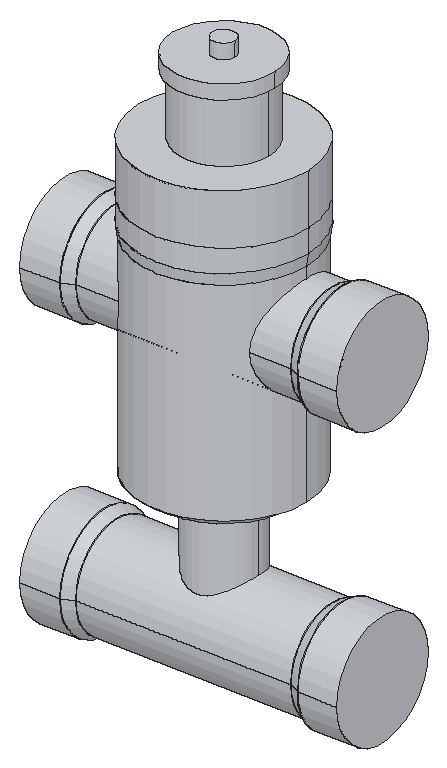
Revit family "VTX24P_DN20_PN16_RFA_2018", category Pipe Accessories, Revit 2018
Family settings
  Round Connector Dimension = Use Diameter
  Part Type = Valve - Breaks Into
  Work Plane-Based = No
  Always vertical = Yes
  Cut with Voids When Loaded = No
  Shared = No
Parameters (values of type "VTX24P G3/4  PN16 kvs4,0")
  magiProductId = ""
  magiProductFamilyId = ""
  magiPartTypeId = 306
  isMeasuringValve [instance] = no
  ang2D [instance] = 0.00°
  Z8 = 4 mm
  Z7__ve = -Z7  # -2.5 mm
  Z7 = 2.5 mm
  Z5 = 9.1 mm
  Z3 = 2 mm
  Z2 = 17.5 mm
  X4__ve = -X4  # -7 mm
  X4 = 7 mm
  X3 = 38 mm
  W2D = 15 mm
  VersionID = ""
  Use Minimum Symbol Size [instance] = yes
  URL = "www.hydronix.cz"
  Type Comments = "Závitový, vnější závit, ploché těsnění; LIN charakteristika; PN16; +5~+95°C; max.rychlost proudění 3,0 m/s"
  R9 = 9 mm
  R8 = 2 mm
  R7 = 15 mm
  R6 = 11.76 mm
  R5 = 7.409 mm
  R4 = 6.174 mm
  R2 = 14.7 mm
  R10 = 8 mm
  R1 = 9 mm
  QmdConnectorList = "301;D;302;D"
  Productdata [instance] = ""
  Manufacturer = "Hydronix"
  MC2 = yes
  MC Product Code = "VTX24P (G3/4\"; dpmax A-AB=100kPa;  dpmax B-AB=40kPa;  kvs 4,0)"
  MC = no
  LT2 = 21 mm
  L2D_Min = 3048 mm
  L2D = 38 mm
  H1 = 37.4 mm
  H = 26 mm
  E = 16 mm
  Description = "3 cestný regulační ventil malých spotřebičů s obtokem, DN20; zdvih 2,5mm; max dp A-AB 100kPa; max dp B-AB 40kPa; kvs4,0"
  DT2 = 10 mm
  D = 20 mm
  CAT0 = yes
  C = 50 mm
Types (8, lengths in mm): name | Z5 | Z2 | X3 | R6 | R5 | R4 | R2 | R1 | MC Product Code | LT2 | H1 | H | Description | DT2 | D | C
  VTX09P G1/2  PN16 kvs0,25 | 9.45 | 8.05 | 34 | 10.64 | 6.703 | 5.586 | 13.3 | 6.75 | "VTX09P (G1/2\"; dpmax=250kPa; kvs 0,25)" | 19 | 20.5 | 27 | "3 cestný regulační ventil malých spotřebičů s obtokem, DN15; zdvih 2,5mm; max dp 250kPa; kvs0,25" | 7.5 | 15 | 23
  VTX10P G1/2  PN16 kvs0,4 | 9.45 | 8.05 | 34 | 10.64 | 6.703 | 5.586 | 13.3 | 6.75 | "VTX10P (G1/2\"; dpmax=250kPa; kvs 0,4)" | 19 | 20.5 | 27 | "3 cestný regulační ventil malých spotřebičů s obtokem, DN15; zdvih 2,5mm; max dp 250kPa; kvs0,4" | 7.5 | 15 | 23
  VTX12P G1/2  PN16 kvs1,0 | 9.45 | 8.05 | 34 | 10.64 | 6.703 | 5.586 | 13.3 | 6.75 | "VTX12P (G1/2\"; dpmax=250kPa; kvs 1,0)" | 19 | 20.5 | 27 | "3 cestný regulační ventil malých spotřebičů s obtokem, DN15; zdvih 2,5mm; max dp 250kPa; kvs1,0" | 7.5 | 15 | 23
  VTX13P G1/2  PN16 kvs1,6 | 9.45 | 8.05 | 34 | 10.64 | 6.703 | 5.586 | 13.3 | 6.75 | "VTX13P (G1/2\"; dpmax=250kPa; kvs 1,6)" | 19 | 20.5 | 27 | "3 cestný regulační ventil malých spotřebičů s obtokem, DN15; zdvih 2,5mm; max dp 250kPa; kvs1,6" | 7.5 | 15 | 23
  VTX21P G3/4  PN16 kvs2,5 | 9.1 | 17.5 | 38 | 11.76 | 7.409 | 6.174 | 14.7 | 9 | "VTX21P (G3/4\"; dpmax=150kPa; kvs 2,5)" | 21 | 37.4 | 26 | "3 cestný regulační ventil malých spotřebičů s obtokem, DN20; zdvih 2,5mm; max dp 150kPa; kvs2,5" | 10 | 20 | 50
  VTX24P G3/4  PN16 kvs4,0 | 9.1 | 17.5 | 38 | 11.76 | 7.409 | 6.174 | 14.7 | 9 | "VTX24P (G3/4\"; dpmax A-AB=100kPa;  dpmax B-AB=40kPa;  kvs 4,0)" | 21 | 37.4 | 26 | "3 cestný regulační ventil malých spotřebičů s obtokem, DN20; zdvih 2,5mm; max dp A-AB 100kPa; max dp B-AB 40kPa; kvs4,0" | 10 | 20 | 50
  VTX26P G3/4  PN16 kvs6,0 | 9.1 | 17.5 | 38 | 11.76 | 7.409 | 6.174 | 14.7 | 9 | "VTX26P (G3/4\"; dpmax A-AB=100kPa;  dpmax B-AB=40kPa; kvs 6,0)" | 21 | 37.4 | 26 | "3 cestný regulační ventil malých spotřebičů s obtokem, DN20; zdvih 2,5mm; max dp A-AB 100kPa; max dp B-AB 40kPa; kvs6,0" | 10 | 20 | 50
  VTX11P G1/2  PN16 kvs0,6 | 9.45 | 8.05 | 34 | 10.64 | 6.703 | 5.586 | 13.3 | 6.75 | "VTX11P (G1/2\"; dpmax=250kPa; kvs 0,6)" | 19 | 20.5 | 27 | "3 cestný regulační ventil malých spotřebičů s obtokem, DN15; zdvih 2,5mm; max dp 250kPa; kvs0,6" | 7.5 | 15 | 23
Reference planes
  plane 1 "Center (Front/Back)": y = 0
  plane 2 "XYPLANE": z = 0
  plane 3 "Center (Left/Right)": x = 0
  plane 4 "271": z = 37
  plane 5 "254": z = 10.9
  plane 6 "253": z = 16.9
  plane 7 "148": z = 39.5
  plane 8 "132": z = 42
  plane 9 "62": z = 12.9
  plane 10 "53": z = 26
  plane 11 "52": z = -26.5
  plane 12 "48": z = -28.5
  plane 13 "47": z = -30.5
  plane 14 "38": z = -48
  plane 15 "37": x = 19
  plane 16 "36": x = 21
  plane 17 "23": z = -50
  plane 18 "19": x = -19
  plane 19 "15": x = -21
  plane 20 "6": x = 28
  plane 21 "5": x = -28
  plane 22 "3": z = 0
  plane 23 "2": y = 0
  plane 24 "1": x = 0
Forms (mm)
  Extrusion 1, solid
    sketch origin (-19, -750, 0) x (0, 1, 0) y (0, 0, 1)
      loop
        circle (750, -50) r 9
    from 0 to 38 <- "X3"
  Blend 2, solid
    base sketch origin (21, -750, 0) x (0, 1, 0) y (0, 0, 1)
      loop
        circle (750, -50) r 10
    top sketch origin (21, -750, 0) x (0, 1, 0) y (0, 0, 1)
      loop
        circle (750, -50) r 9
    from 0 to -2
  Extrusion 3, solid
    sketch origin (28, -750, 0) x (0, 1, 0) y (0, 0, 1)
      loop
        circle (750, -50) r 10
    from 0 to -7 <- "X4__ve"
  Extrusion 4, solid
    sketch origin (-28, -750, 0) x (0, 1, 0) y (0, 0, 1)
      loop
        circle (750, -50) r 10
    from 0 to 7 <- "X4"
  Blend 5, solid
    base sketch origin (-21, -750, 0) x (0, 1, 0) y (0, 0, 1)
      loop
        circle (750, -50) r 10
    top sketch origin (-21, -750, 0) x (0, 1, 0) y (0, 0, 1)
      loop
        circle (750, -50) r 9
    from 0 to 2
  Extrusion 6, solid, visible <- "CAT0"
    sketch origin (-750, 0, 42) x (1, 0, 0) y (0, 1, 0)
      loop
        circle (750, 0) r 2
    from 0 to -2.5 <- "Z7__ve"
  Extrusion 7, solid, visible <- "CAT0"
    sketch origin (-750, 0, 37) x (1, 0, 0) y (0, 1, 0)
      loop
        circle (750, 0) r 8
    from 0 to -19
  Extrusion 8, solid, visible <- "CAT0"
    sketch origin (-19, -750, 0) x (0, 1, 0) y (0, 0, 1)
      loop
        circle (750, 0) r 9
    from 0 to 38 <- "X3"
  Extrusion 9, solid
    sketch origin (-750, 0, 12.9) x (1, 0, 0) y (0, 1, 0)
      loop
        circle (750, 0) r 15
    from 0 to 4 <- "Z8"
  Extrusion 10, solid
    sketch origin (-750, 0, 39.5) x (1, 0, 0) y (0, 1, 0)
      loop
        circle (750, 0) r 9
    from 0 to -2.5 <- "Z7__ve"
  Extrusion 11, solid
    sketch origin (-750, 0, 16.9) x (1, 0, 0) y (0, 1, 0)
      loop
        circle (750, 0) r 15
    from 0 to 9.1 <- "Z5"
  Blend 12, solid
    base sketch origin (-750, 0, 10.9) x (1, 0, 0) y (0, 1, 0)
      loop
        circle (750, 0) r 14.7
    top sketch origin (-750, 0, 10.9) x (1, 0, 0) y (0, 1, 0)
      loop
        circle (750, 0) r 15
    from 0 to 2
  Blend 13, solid
    base sketch origin (-750, 0, -26.5) x (1, 0, 0) y (0, 1, 0)
      loop
        circle (750, 0) r 14.7
    top sketch origin (-750, 0, -26.5) x (1, 0, 0) y (0, 1, 0)
      loop
        circle (750, 0) r 11.76
    from 0 to -2
  Blend 14, solid
    base sketch origin (-750, 0, -28.5) x (1, 0, 0) y (0, 1, 0)
      loop
        circle (750, 0) r 7.409
    top sketch origin (-750, 0, -28.5) x (1, 0, 0) y (0, 1, 0)
      loop
        circle (750, 0) r 6.174
    from 0 to -2
  Extrusion 15, solid
    sketch origin (-750, 0, -48) x (1, 0, 0) y (0, 1, 0)
      loop
        circle (750, 0) r 6.174
    from 0 to 17.5 <- "Z2"
  Extrusion 16, solid
    sketch origin (28, -750, 0) x (0, 1, 0) y (0, 0, 1)
      loop
        circle (750, 0) r 10
    from 0 to -7 <- "X4__ve"
  Blend 17, solid
    base sketch origin (21, -750, 0) x (0, 1, 0) y (0, 0, 1)
      loop
        circle (750, 0) r 10
    top sketch origin (21, -750, 0) x (0, 1, 0) y (0, 0, 1)
      loop
        circle (750, 0) r 9
    from 0 to -2
  Extrusion 18, solid
    sketch origin (-750, 0, -26.5) x (1, 0, 0) y (0, 1, 0)
      loop
        circle (750, 0) r 14.7
    from 0 to 37.4 <- "H1"
  Blend 19, solid
    base sketch origin (-21, -750, 0) x (0, 1, 0) y (0, 0, 1)
      loop
        circle (750, 0) r 10
    top sketch origin (-21, -750, 0) x (0, 1, 0) y (0, 0, 1)
      loop
        circle (750, 0) r 9
    from 0 to 2
  Extrusion 20, solid
    sketch origin (-28, -750, 0) x (0, 1, 0) y (0, 0, 1)
      loop
        circle (750, 0) r 10
    from 0 to 7 <- "X4"
  Extrusion 21, solid, not visible
    sketch origin (21, -750, 0) x (0, 1, 0) y (0, 0, 1)
      loop
        circle (750, 0) r 10
    from 0 to -10
  Extrusion 22, solid, not visible
    sketch origin (-21, -750, 0) x (0, 1, 0) y (0, 0, 1)
      loop
        circle (750, 0) r 10
    from 0 to 10
Lines and regions (mm)
  reference lines, not visible
    curve 1: circle (2, 2, 0) r 1 normal (0, 0, 1)
Dimensions and locks
  plane 1 "Center (Front/Back)" to curve 1 = 2 mm
  "Z7": plane 7 "148" to plane 4 "271"
  "Z3": plane 9 "62" to plane 5 "254"
  "Z5": plane 10 "53" to plane 6 "253"
  "Z7": plane 8 "132" to plane 7 "148"
  "E": plane 10 "53" to plane 8 "132"
  "Z8": plane 6 "253" to plane 9 "62"
  "H": plane 2 "XYPLANE" to plane 10 "53"
  "Z3": plane 12 "48" to plane 11 "52"
  "Z3": plane 13 "47" to plane 12 "48"
  "Z2": plane 14 "38" to plane 13 "47"
  "Z3": plane 17 "23" to plane 14 "38"
  locked: plane 16 "36" to plane 15 "37" at 2
  "LT2": plane 3 "Center (Left/Right)" to plane 16 "36"
  "C": plane 2 "XYPLANE" to plane 17 "23"
  locked: plane 19 "15" to plane 18 "19" at 2
  "LT2": plane 3 "Center (Left/Right)" to plane 19 "15"
  "X4": plane 16 "36" to plane 20 "6"
  "X4": plane 19 "15" to plane 21 "5"
  locked: plane 2 "XYPLANE" to plane 22 "3"
  locked: plane 1 "Center (Front/Back)" to plane 23 "2"
  locked: plane 3 "Center (Left/Right)" to plane 24 "1"
  "R1": radius of Extrusion 1 sketch curve
  "R1": radius of Blend 2 sketch curve
  "DT2": radius of Blend 2 sketch curve
  "DT2": radius of Extrusion 3 sketch curve
  "DT2": radius of Extrusion 4 sketch curve
  "R1": radius of Blend 5 sketch curve
  "DT2": radius of Blend 5 sketch curve
  "R8": radius of Extrusion 6 sketch curve
  "R10": radius of Extrusion 7 sketch curve
  "R1": radius of Extrusion 8 sketch curve
  "R7": radius of Extrusion 9 sketch curve
  "R9": radius of Extrusion 10 sketch curve
  "R7": radius of Extrusion 11 sketch curve
  "R7": radius of Blend 12 sketch curve
  "R2": radius of Blend 12 sketch curve
  "R6": radius of Blend 13 sketch curve
  "R2": radius of Blend 13 sketch curve
  "R4": radius of Blend 14 sketch curve
  "R5": radius of Blend 14 sketch curve
  "R4": radius of Extrusion 15 sketch curve
  "DT2": radius of Extrusion 16 sketch curve
  "R1": radius of Blend 17 sketch curve
  "DT2": radius of Blend 17 sketch curve
  "R2": radius of Extrusion 18 sketch curve
  "R1": radius of Blend 19 sketch curve
  "DT2": radius of Blend 19 sketch curve
  "DT2": radius of Extrusion 20 sketch curve
  aligned and locked: level to plane 2 "XYPLANE"
  aligned and locked: plane 17 "23" to Extrusion 1 sketch curve
  aligned and locked: Extrusion 1 sketch curve to plane 23 "2"
  aligned and locked: plane 17 "23" to Blend 2 sketch curve  (x2)
  aligned and locked: Blend 2 sketch curve to plane 23 "2"  (x2)
  aligned and locked: Blend 2 to plane 15 "37"
  aligned and locked: plane 17 "23" to Extrusion 3 sketch curve
  aligned and locked: Extrusion 3 sketch curve to plane 23 "2"
  aligned and locked: plane 17 "23" to Extrusion 4 sketch curve
  aligned and locked: Extrusion 4 sketch curve to plane 23 "2"
  aligned and locked: plane 17 "23" to Blend 5 sketch curve  (x2)
  aligned and locked: Blend 5 sketch curve to plane 23 "2"  (x2)
  aligned and locked: plane 18 "19" to Blend 5
  aligned and locked: plane 23 "2" to Extrusion 6 sketch curve
  aligned and locked: plane 24 "1" to Extrusion 6 sketch curve
  aligned and locked: plane 23 "2" to Extrusion 7 sketch curve
  aligned and locked: plane 24 "1" to Extrusion 7 sketch curve
  aligned and locked: plane 22 "3" to Extrusion 8 sketch curve
  aligned and locked: Extrusion 8 sketch curve to plane 23 "2"
  aligned and locked: plane 23 "2" to Extrusion 9 sketch curve
  aligned and locked: plane 24 "1" to Extrusion 9 sketch curve
  aligned and locked: plane 23 "2" to Extrusion 10 sketch curve
  aligned and locked: plane 24 "1" to Extrusion 10 sketch curve
  aligned and locked: plane 23 "2" to Extrusion 11 sketch curve
  aligned and locked: plane 24 "1" to Extrusion 11 sketch curve
  aligned and locked: plane 23 "2" to Blend 12 sketch curve  (x2)
  aligned and locked: plane 24 "1" to Blend 12 sketch curve  (x2)
  aligned and locked: plane 9 "62" to Blend 12
  aligned and locked: plane 23 "2" to Blend 13 sketch curve  (x2)
  aligned and locked: plane 24 "1" to Blend 13 sketch curve  (x2)
  aligned and locked: Blend 13 to plane 12 "48"
  aligned and locked: plane 23 "2" to Blend 14 sketch curve  (x2)
  aligned and locked: plane 24 "1" to Blend 14 sketch curve  (x2)
  aligned and locked: Blend 14 to plane 13 "47"
  aligned and locked: plane 23 "2" to Extrusion 15 sketch curve
  aligned and locked: plane 24 "1" to Extrusion 15 sketch curve
  aligned and locked: plane 22 "3" to Extrusion 16 sketch curve
  aligned and locked: Extrusion 16 sketch curve to plane 23 "2"
  aligned and locked: plane 22 "3" to Blend 17 sketch curve  (x2)
  aligned and locked: Blend 17 sketch curve to plane 23 "2"  (x2)
  aligned and locked: Blend 17 to plane 15 "37"
  aligned and locked: plane 23 "2" to Extrusion 18 sketch curve
  aligned and locked: plane 24 "1" to Extrusion 18 sketch curve
  aligned and locked: plane 22 "3" to Blend 19 sketch curve  (x2)
  aligned and locked: Blend 19 sketch curve to plane 23 "2"  (x2)
  aligned and locked: plane 18 "19" to Blend 19
  aligned and locked: plane 22 "3" to Extrusion 20 sketch curve
  aligned and locked: Extrusion 20 sketch curve to plane 23 "2"
  aligned and locked: plane 22 "3" to Extrusion 21 sketch curve
  aligned and locked: Extrusion 21 sketch curve to plane 23 "2"
  aligned and locked: plane 22 "3" to Extrusion 22 sketch curve
  aligned and locked: Extrusion 22 sketch curve to plane 23 "2"
Automatic sketch dimensions
  plane 1 "Center (Front/Back)" to Extrusion 21 sketch curve = 10 mm
  plane 1 "Center (Front/Back)" to Extrusion 22 sketch curve = 10 mm
  plane 3 "Center (Left/Right)" to curve 1 = 2 mm
  radius of curve 1 = 1 mm
Connectors
  piping at (-21, 0, 0), diameter 20, driven by "D"
    settings: on Extrusion 22, index 1, connector inside diameter 609.6 mm, connector length 0 mm, flow factor 0, pipe flow 0.0 L/s, pressure drop 0.0 Pa, fitting loss kfactor 0, connector angle 0.00°, fixture units 0, engagement length 0 mm, angle of deflection 0.00°, flow configuration 0, flow direction 0, fitting loss method 0, system type 29, joint type 0, gender type 0, connector reference index 2, connector utility 0, adjustable connector no, is connector primary yes, connector description ""
  piping at (21, 0, 0), diameter 20, driven by "D"
    settings: on Extrusion 21, index 2, connector inside diameter 609.6 mm, connector length 0 mm, flow factor 0, pipe flow 0.0 L/s, pressure drop 0.0 Pa, fitting loss kfactor 0, connector angle 0.00°, fixture units 0, engagement length 0 mm, angle of deflection 0.00°, flow configuration 0, flow direction 0, fitting loss method 0, system type 29, joint type 0, gender type 0, connector reference index 1, connector utility 0, adjustable connector no, is connector primary no, connector description ""
